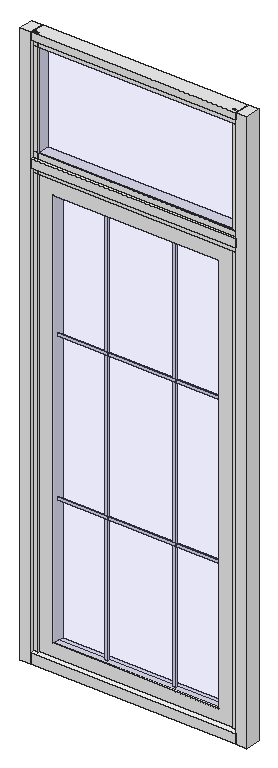
Revit family "Door_Curtain_Wall-Inswing_With_Transom-Traco-NX-8920-One_Panel", category Curtain Panels, Revit 2015
Parameters (values of type "NX-8920 - One_Panel-Transom")
  Water Resistance = 12.0000 psf
  Uniform Load Structural = 75.0000 psf
  Uniform Load Deflection = 50.0000 psf
  Transom Panel Height [instance] = Transom Height - 0' 1 1/4"  # 1' - 10 3/4"
  Transom Height [instance] = 2' - 0"
  Sill Type = Door_Frame-Inswing-Traco-(NX-8920)-Single_Panel-Transom : Standard Sill
  Product data url = "https://bimobject.com/kawneerna/product/89202"
  Product Page URL = "http://www.alcoa.com/traco/en/product.asp?cat_id=1912&prod_id=4260"
  Product Documentation Link = "http://www.alcoa.com/traco/en/cad_spec.asp?cat_id=1912&prod_id=4260&area=prod"
  Panel Width [instance] = Door Width - 0' 4 1/2"  # 3' - 7 1/2"
  Panel Material [instance] = Aluminum - Traco - Anodized - Gray
  Panel Height [instance] = Door Height - 0' 2 1/2"  # 7' - 9 1/2"
  Muntin Type = Muntin-Grid-Traco-Lites : Interior
  Glass Material [instance] = Glass - Traco - Clear
  Frame Material [instance] = Aluminum - Traco - Anodized - Gray
  Door Width [instance] = if(CTRL Opening Width < Door Width Minimum, Door Width Minimum, if(CTRL Opening Width > Door Width Maximum, Door Width Maximum, CTRL Opening Width))  # 4' - 0"
  Door Height [instance] = Overall Height - Transom Height  # 8' - 0"
  Door Base = 0' - 0 7/8"  # constant formula
  Copyright © = "2011 Traco"  # constant formula
  CTRL Opening Width [instance] = 7' - 11.85303"
  URL = "http://www.alcoa.com/traco/en/home.asp"
  U Factor = "0.40"
  Type Comments = "1 Panel With Transom"
  Test Size = "48\" X 96\""
  Overall Height [instance] = if(CTRL Opening Height < Door Height Minimum, Door Height Minimum, if(CTRL Opening Height > Door Height Maximum, Door Height Maximum, CTRL Opening Height))  # 10' - 0"
  Muntin [instance] = yes
  Model = "NX-8920"
  Manufacturer = "Traco"  # constant formula
  CTRL Opening Height [instance] = 10' - 0"
  Forced Entry Resistance = ""
  Door Width Minimum [instance] = 3' - 0"
  Door Width Maximum [instance] = 4' - 0"
  Door Swing Angle [instance] = 90.00°
  Door Height Minimum [instance] = 6' - 0"
  Door Height Maximum [instance] = 10' - 0"
  Designation = "AAMA/WDMA/CSA 101/I.S.2/A-440-05: HS-C50 And AAMA/WDMA/CSA 101/I.S.2/A-440-08:AW-PG50-ATD"
  Description = "Single Door"
  Condensation Resistance = "48"
  Assembly Code = "B2020220"
  Allowable Air Infiltration Maximum = "0.1 @ 6.2 PSF"
Reference planes (in)
  plane 1 "Front": y = 0
  plane 2 "Bottom": z = 0
  plane 3 "Center (Left/Right)": x = 0
  plane 4 "Left": x = -47.92651
  plane 5 "Right": x = 47.92651
  plane 6 "Top": z = 120
  plane 7 "Door Base": z = 0.875
  plane 8 "Muntin Center F_B": y = 2
  plane 9 "Stop Back": y = 0.75
  plane 10 "Left Jamb": x = -45.67651
  plane 11 "Right Jamb": x = 45.67651
  plane 12 "Stop Right": x = 44.55151
  plane 13 "Stop Left": x = -44.55151
  plane 14 "Back": y = 3.25
  plane 15 "Panel Center F_B": y = 2
Text (in)
  text "Exterior" at (-54.29358, -19.61257, 0), in view "Ref. Level"
  text "Exterior" at (480, 41.53993, 89.60405), in view "Right"
  text "Exterior" at (-240, 57.82419, 105.78864), in view "Left"
Dimensions and locks (in)
  equal spacing: plane 4 "Left", plane 3 "Center (Left/Right)", plane 5 "Right"
  "Door Base": plane 2 "Bottom" to plane 7 "Door Base"
  "CTRL Opening Height": plane 6 "Top" to plane 2 "Bottom"
  "Overall Height": nested 2 to plane 2 "Bottom"
  "CTRL Opening Width": plane 4 "Left" to plane 5 "Right"
  locked: plane 1 "Front" to plane 9 "Stop Back" at 0.75
  locked: plane 4 "Left" to plane 10 "Left Jamb" at 2.25
  locked: plane 11 "Right Jamb" to plane 5 "Right" at 2.25
  locked: plane 10 "Left Jamb" to plane 13 "Stop Left" at 1.125
  locked: plane 12 "Stop Right" to plane 11 "Right Jamb" at 1.125
  locked: plane 1 "Front" to plane 14 "Back" at 3.25
  equal spacing: plane 14 "Back", plane 15 "Panel Center F_B", plane 9 "Stop Back"
  locked: plane 15 "Panel Center F_B" to plane 8 "Muntin Center F_B" at 0
  aligned and locked: level to plane 2 "Bottom"
  aligned: nested 1 to nested 2
  aligned: plane 7 "Door Base" to nested 4
  aligned: plane 7 "Door Base" to nested 5
  aligned: plane 7 "Door Base" to nested 7
  aligned and locked: plane 3 "Center (Left/Right)" to nested 2
  aligned and locked: plane 1 "Front" to nested 2
  aligned: plane 9 "Stop Back" to nested 1
  aligned and locked: plane 3 "Center (Left/Right)" to nested 3
  aligned and locked: nested 2 to nested 3
  aligned: nested 1 to plane 10 "Left Jamb"  (x2)
  aligned: nested 1 to plane 7 "Door Base"
  aligned and locked: plane 7 "Door Base" to nested 4  (x2)
  aligned: nested 4 to plane 10 "Left Jamb"
  aligned and locked: nested 1 to plane 7 "Door Base"
  aligned: plane 3 "Center (Left/Right)" to nested 1
  aligned and locked: plane 3 "Center (Left/Right)" to nested 4
  aligned: plane 14 "Back" to nested 1
  aligned: plane 11 "Right Jamb" to nested 1
  aligned and locked: plane 9 "Stop Back" to nested 1
  aligned and locked: plane 14 "Back" to nested 1
  aligned and locked: plane 3 "Center (Left/Right)" to nested 1
Nested families (in)
  nested 1: "Door-Glass_Panel-Traco-(TR-8920)" at (14.25, 3.25, 0.875) x (-1, 0, 0) z (0, 0, 1), Width <- "Panel Width", Height <- "Panel Height", Panel Material <- "Panel Material", Glass Material <- "Glass Material", Angle <- "Door Swing Angle", type "SS", detail levels fine
    with built-in parameter 1001301 3' - 7 1/2", built-in parameter 1001302 0' - 2 1/2", Panel Offset 0' - 4 1/4", Panel Material Aluminum - Traco - Anodized - Gray, Panel Finish none, built-in parameter 1001300 7' - 9 1/2", Glazing "Low E-Argon", Glass Material Glass - Traco - Clear, Elevation Swing yes, Angle 90.00°
  nested 2: "Door_Frame-Inswing-Traco-(NX-8920)-Single_Panel-Transom" at (0, 1.625, 0), type <- "Sill Type", type "Standard Sill"
    with Standard Sill yes, Optional Sill no, Door Width 4' - 0", Door Height 8' - 0"
  nested 3: "Door-Glass_Panel-Traco-(TR-8920)-Transom" at (0, 3.25, 96), Width <- "Panel Width", Height <- "Transom Panel Height", Panel Material <- "Panel Material", Glass Material <- "Glass Material", type "T", detail levels fine
    with built-in parameter 1001301 3' - 7 1/2", built-in parameter 1001302 0' - 2 1/2", Panel Offset 0' - 4 1/4", Panel Material Aluminum - Traco - Anodized - Gray, Panel Finish none, built-in parameter 1001300 1' - 10 3/4", Glazing "Low E-Argon", Glass Material Glass - Traco - Clear
  nested 4: "Muntin-Grid-Traco-Lites" at (0, 2, 47.625) x (-1, 0, 0) z (0, -1, 0), Sash Height <- "Panel Height", Length <- "Panel Width", type <- "Muntin Type", visible <- "Muntin", type "Interior"
    with Sash Height 7' - 9 1/2", Material Aluminum - Traco - Anodized - Gray, Length 3' - 7 1/2", Glazing Thickness 0' - 0 7/8", CTRL Muntin Vertical Distance 2' - 7.16667", CTRL Muntin Horizontal Distance 1' - 2 1/2", CTRL Face Offset 0' - 0 1/4", CTRL Bar Vertical Visibility no, CTRL Bar Horizontal Visibility no, CTRL Array Vertical Visibility yes, CTRL Array Horizontal Visibility yes, Has Interior Muntins yes, Has Exterior Muntins no
  nested 5: "Muntin-Trapezoid-Traco-Single" at (-7.25, 2.1875, 47.625) x (0, 0, -1) z (0, -1, 0), type "Standard Colonial"
    with Material Aluminum - Traco - Anodized - Gray, Length 7' - 9 1/2", Width Top 0' - 0 9/16", Width Base 0' - 0 9/16", Height 0' - 0 5/16"
  nested 6: "Muntin-Trapezoid-Traco-Single" at (0, 2.1875, 63.20833) x (1, 0, 0) z (0, -1, 0), type "Standard Colonial"
    with Material Aluminum - Traco - Anodized - Gray, Length 3' - 7 1/2", Width Top 0' - 0 9/16", Width Base 0' - 0 9/16", Height 0' - 0 5/16"
  nested 7: "Muntin-Trapezoid-Traco-Single" at (7.25, 2.1875, 47.625) x (0, 0, -1) z (0, -1, 0), type "Standard Colonial"
    with Material Aluminum - Traco - Anodized - Gray, Length 7' - 9 1/2", Width Top 0' - 0 9/16", Width Base 0' - 0 9/16", Height 0' - 0 5/16"
  nested 8: "Muntin-Trapezoid-Traco-Single" at (0, 2.1875, 32.04167) x (1, 0, 0) z (0, -1, 0), type "Standard Colonial"
    with Material Aluminum - Traco - Anodized - Gray, Length 3' - 7 1/2", Width Top 0' - 0 9/16", Width Base 0' - 0 9/16", Height 0' - 0 5/16"
Definition of nested family "Door-Glass_Panel-Traco-(TR-8920)"
  Parameters
    Width [instance] = 3' - 0"
    Visible Light Transmission = 0
    URL = "www.integratedcontentsolutions.com"
    U Value = 0
    Type Comments = "Panel theory and model developed by Integrated Content Solutions"  # constant formula
    Thickness [instance] = 0' - 2 3/4"
    Style Right = 0' - 4 1/8"
    Style Left = 0' - 4 1/8"
    Solar Heat Gain Coefficient = 0
    Rail Head = 0' - 4 1/8"
    Rail Bottom = 0' - 4 1/8"
    R Value = 0
    Product Documentation Link = "www.integratedcontentsolutions.com"
    Panel Offset [instance] = 0' - 4 1/4"
    Panel Material [instance] = none
    Panel Finish [instance] = none
    Manufacturer = "Integrated Content Solutions"  # constant formula
    LEED Credit = ""
    Hidden Swing Angle = 90.00°
    Height [instance] = 8' - 0"
    Glazing [instance] = "Low E-Argon"
    Glass Material [instance] = none
    Function = 1
    Energy Star Zone = ""
    Elevation Swing [instance] = yes
    Copyright © = "Integrated Content Solutions © 2009"  # constant formula
    Assembly Code = "C1020110"
    Appear In Schedule = 0 = 1  # no
    Angle [instance] = 90.00°
    Air Leakage = 0
  Reference planes (in)
    plane 1 "Exterior": y = 0
    plane 2 "Bottom": z = 0
    plane 3 "Strike": x = 0
    plane 4 "Interior": y = -2.75
    plane 5 "Hinge": x = 36
    plane 6 "Top": z = 96
    plane 7 "Panel Center of Thickness": y = -1.375
    plane 8 "Glass Interior": y = -2.125
    plane 9 "Glass Exterior": y = -1.125
    plane 10 "Left Inset": x = 4.125
    plane 11 "Right Inset": x = 31.875
    plane 12 "Top Inset": z = 91.875
    plane 13 "Bottom Inset": z = 4.125
    plane 14 "Center L_R": x = 18
  Forms (in)
    Extrusion 1, solid, material <- "Panel Material"
      sketch origin (0, 0, 0) x (1, 0, 0) y (0, 0, 1)
        loop
          line (0, 96) -> (0, 0) -> (36, 0) -> (36, 96) -> (0, 96)
        loop
          line (4.125, 91.875) -> (4.125, 4.125) -> (31.875, 4.125) -> (31.875, 91.875) -> (4.125, 91.875)
      from 0 to 2.75
    Extrusion 2, solid, material <- "Glass Material"
      sketch origin (0, -2.75, 0) x (1, 0, 0) y (0, 0, 1)
        loop
          line (4.125, 91.875) -> (4.125, 4.125) -> (31.875, 4.125) -> (31.875, 91.875) -> (4.125, 91.875)
      from -1.625 to -0.625
  Lines and regions (in)
    Masking region 1
      outline origin (0, 0, 96) x (-1, 0, 0) y (0, -1, 0)
        loop
          line (0, 2.75) -> (-36, 2.75) -> (-36, 0) -> (0, 0) -> (0, 2.75)
    Masking region 2
      outline origin (0, -1.375, 0) x (-1, 0, 0) y (0, 0, 1)
        loop
          line (0, 0) -> (0, 96) -> (-36, 96) -> (-36, 0) -> (0, 0)
        loop
          line (-4.125, 4.125) -> (-4.125, 91.875) -> (-31.875, 91.875) -> (-31.875, 4.125) -> (-4.125, 4.125)
    Masking region 3
      outline origin (18, 0, 0) x (0, 1, 0) y (0, 0, 1)
        loop
          line (-2.75, 0) -> (0, 0) -> (0, 96) -> (-2.75, 96) -> (-2.75, 0)
  Dimensions and locks (in)
    "Width": plane 3 "Strike" to plane 5 "Hinge"
    "Thickness": plane 4 "Interior" to plane 1 "Exterior"
    "Height": plane 6 "Top" to plane 2 "Bottom"
    equal spacing: plane 4 "Interior", plane 7 "Panel Center of Thickness", plane 1 "Exterior"
    locked: plane 9 "Glass Exterior" to plane 8 "Glass Interior" at 1
    "Style Left": plane 10 "Left Inset" to plane 3 "Strike"
    "Style Right": plane 5 "Hinge" to plane 11 "Right Inset"
    "Rail Bottom": plane 13 "Bottom Inset" to plane 2 "Bottom"
    "Rail Head": plane 6 "Top" to plane 12 "Top Inset"
    locked: plane 9 "Glass Exterior" to plane 1 "Exterior" at 1.125
    equal spacing: plane 3 "Strike", plane 14 "Center L_R", plane 5 "Hinge"
    aligned and locked: plane 3 "Strike" to Extrusion 1 sketch curve
    aligned and locked: Extrusion 1 sketch curve to plane 6 "Top"
    aligned and locked: level to Extrusion 1 sketch curve
    aligned and locked: Extrusion 1 sketch curve to plane 5 "Hinge"
    aligned and locked: Extrusion 1 to plane 1 "Exterior"
    aligned and locked: plane 4 "Interior" to Extrusion 1
    aligned and locked: plane 1 "Exterior" to nested 1
    aligned and locked: plane 5 "Hinge" to nested 1
    aligned and locked: level to plane 2 "Bottom"
    aligned and locked: plane 10 "Left Inset" to Extrusion 1 sketch curve
    aligned and locked: Extrusion 1 sketch curve to plane 12 "Top Inset"
    aligned and locked: plane 13 "Bottom Inset" to Extrusion 1 sketch curve
    aligned and locked: Extrusion 1 sketch curve to plane 11 "Right Inset"
    aligned and locked: plane 10 "Left Inset" to Extrusion 2 sketch curve
    aligned and locked: Extrusion 2 sketch curve to plane 12 "Top Inset"
    aligned and locked: plane 13 "Bottom Inset" to Extrusion 2 sketch curve
    aligned and locked: Extrusion 2 sketch curve to plane 11 "Right Inset"
    aligned and locked: plane 9 "Glass Exterior" to Extrusion 2
    aligned and locked: Extrusion 2 to plane 8 "Glass Interior"
    aligned and locked: Masking region 1 sketch curve to plane 1 "Exterior"
    aligned and locked: plane 5 "Hinge" to Masking region 1 sketch curve
    aligned and locked: plane 4 "Interior" to Masking region 1 sketch curve
    aligned and locked: Masking region 1 sketch curve to plane 3 "Strike"
    aligned and locked: plane 6 "Top" to Masking region 2 sketch curve
    aligned and locked: Masking region 2 sketch curve to plane 3 "Strike"
    aligned and locked: plane 5 "Hinge" to Masking region 2 sketch curve
    aligned and locked: Masking region 2 sketch curve to plane 2 "Bottom"
    aligned and locked: plane 12 "Top Inset" to Masking region 2 sketch curve
    aligned and locked: Masking region 2 sketch curve to plane 10 "Left Inset"
    aligned and locked: plane 11 "Right Inset" to Masking region 2 sketch curve
    aligned and locked: Masking region 2 sketch curve to plane 13 "Bottom Inset"
    aligned and locked: plane 6 "Top" to Masking region 3 sketch curve
    aligned and locked: Masking region 3 sketch curve to plane 4 "Interior"
    aligned and locked: Masking region 3 sketch curve to plane 1 "Exterior"
    aligned and locked: Masking region 3 sketch curve to plane 2 "Bottom"
  Nested families (in)
    nested 1: "Plan Swing" at (0, 0, 0), Width <- "Width", Thickness <- "Thickness", Height <- "Height", Angle <- "Angle", Elevation Swing Visibility <- "Elevation Swing", Hidden Swing Angle <- "Hidden Swing Angle", type "Plan Swing"
      with Width 3' - 0", Thickness 0' - 2 3/4", Slide Indicator Visbility no, Plan Swing Visibility yes, Hidden Swing Visibility no, Hidden Swing Angle 90.00°, Hidden Angle CTRL 90.00°, Height 8' - 0", Elevation Swing Visibility yes, Closed Panel Visaibilty no, Angle CTRL 90.00°, Angle 90.00°
  Definition of nested family "Plan Swing"
    Parameters
      Width [instance] = 3' - 0"
      URL = "www.integratedcontentsolutions.com"
      Type Comments = "Swing graphics developed by Integrated Content Solutions"  # constant formula
      Thickness [instance] = 0' - 2"
      Slide Indicator Visbility [instance] = no
      Plan Swing Visibility [instance] = Angle > 0.00°  # yes
      Manufacturer = "Integrated Content Solutions"  # constant formula
      Hidden Swing Visibility [instance] = yes
      Hidden Swing Angle [instance] = 90.00°
      Hidden Angle CTRL [instance] = if(Hidden Swing Angle < 5.00°, 5.00°, if(Hidden Swing Angle > 175.00°, 175.00°, Hidden Swing Angle))  # 90.00°
      Height [instance] = 7' - 0"
      Elevation Swing Visibility [instance] = yes
      Copyright © = "Integrated Content Solutions © 2009"  # constant formula
      Closed Panel Visaibilty [instance] = Angle = 0.00°  # no
      Assembly Code = ""
      Angle CTRL [instance] = if(Angle < 5.00°, 5.00°, if(Angle > 175.00°, 175.00°, Angle))  # 45.00°
      Angle [instance] = 45.00°
    Reference planes (in)
      plane 1 "Exterior": y = 0
      plane 2 "Bottom": z = 0
      plane 3 "Strike": x = 0
      plane 4 "Hinge": x = 36
      plane 5 "Top": z = 84
      plane 6 "Interior": y = -2
    Lines and regions (in)
      model lines
        curve 1: line (0, 0, 0) -> (0, -2, 0)
        curve 2: line (36, -2, 0) -> (36, 0, 0)
      symbolic lines, visible <- "Plan Swing Visibility"
        curve 3: line (36, 0, 0) -> (10.54416, 25.45584, 0)
        curve 4: line (10.54416, 25.45584, 0) -> (9.12994, 24.04163, 0)
        curve 5: line (9.12994, 24.04163, 0) -> (34.58579, -1.41421, 0)
        curve 6: line (34.58579, -1.41421, 0) -> (36, 0, 0)
        curve 13: arc (10.54416, 25.45584, 0) -> (2.74034, 13.7766, 0) -> (0, 0, 0) r 36
      symbolic lines, visible <- "Elevation Swing Visibility"
        curve 7: line (0, -2, 84) -> (36, -2, 42)
        curve 8: line (36, -2, 42) -> (0, -2, 0)
      symbolic lines, visible <- "Hidden Swing Visibility"
        curve 9: line (36, 0, 0) -> (36, 36, 0)
        curve 10: line (36, 36, 0) -> (34, 36, 0)
        curve 11: line (34, 36, 0) -> (34, 0, 0)
        curve 12: line (34, 0, 0) -> (36, 0, 0)
        curve 18: arc (0, 0, 0) -> (10.54416, 25.45584, 0) -> (36, 36, 0) r 36
      symbolic lines, visible <- "Closed Panel Visaibilty"
        curve 14: line (0, 0, 0) -> (36, 0, 0)
        curve 15: line (0, -2, 0) -> (0, 0, 0)
        curve 16: line (36, -2, 0) -> (0, -2, 0)
        curve 17: line (36, 0, 0) -> (36, -2, 0)
      symbolic lines, visible <- "Slide Indicator Visbility"
        curve 19: line (18, -2, 42.16893) -> (15.87868, -2, 44.29025)
        curve 20: line (18, -2, 42.16893) -> (15.87868, -2, 40.04761)
        curve 21: line (18, -2, 42.16893) -> (9, -2, 42.16893)
    Dimensions and locks (in)
      "Width": plane 3 "Strike" to plane 4 "Hinge"
      "Height": plane 5 "Top" to plane 2 "Bottom"
      equal spacing: plane 5 "Top", curve 8, plane 2 "Bottom"
      "Thickness": plane 6 "Interior" to plane 1 "Exterior"
      "Thickness": curve 3 to curve 5
      "Width": curve 6 to curve 4
      "Width": curve 9 to curve 9
      "Thickness": curve 9 to curve 11
      locked: curve 21 to curve 21 at 9
      equal spacing: plane 4 "Hinge", curve 21, plane 3 "Strike"
      locked: curve 3 to curve 6 (angle 90.00°)
      locked: curve 5 to curve 6 (angle 90.00°)
      locked: curve 4 to curve 3 (angle 90.00°)
      locked: curve 9 to curve 12 (angle 90.00°)
      locked: curve 11 to curve 12 (angle 90.00°)
      locked: curve 10 to curve 9 (angle 90.00°)
      "Hidden Angle CTRL": angle curve 9 to plane 1 "Exterior"
      "Angle CTRL": angle curve 3 to plane 1 "Exterior"
      aligned and locked: plane 2 "Bottom" to level
      aligned and locked: plane 1 "Exterior" to curve 2
      aligned and locked: plane 4 "Hinge" to curve 2
      aligned and locked: plane 6 "Interior" to curve 1
      aligned and locked: plane 6 "Interior" to curve 2
      aligned and locked: plane 4 "Hinge" to curve 9
      aligned and locked: curve 1 to plane 3 "Strike"
      aligned and locked: plane 3 "Strike" to curve 15
      aligned and locked: plane 1 "Exterior" to curve 14
    Automatic sketch dimensions
      curve 8 to level = 0' - 0"
      curve 8 to plane 3 "Strike" = 0' - 0"
      curve 7 to plane 3 "Strike" = 0' - 0"
      curve 7 to plane 4 "Hinge" = 0' - 0"
      curve 7 to plane 5 "Top" = 0' - 0"
      curve 19 to curve 20 = 0' - 0"
      curve 20 to curve 20 = 0' - 2.12132"
      curve 20 to curve 7 = 0' - 1.95239"
      curve 20 to curve 19 = 0' - 2.12132"
Definition of nested family "Door_Frame-Inswing-Traco-(NX-8920)-Single_Panel-Transom"
  Parameters
    Transom Height = 2' - 0"
    Standard Sill = no
    Optional Sill = yes
    Jamb Thickness = 0' - 2 1/4"
    Head Thickness = 0' - 1 3/4"
    Frame Material = none
    Frame Depth = 0' - 3 1/4"
    Door Width = 3' - 0"
    Door Height = 7' - 0"
    Assembly Code = ""
  Reference planes (in)
    plane 1 "Center (Front/Back)": y = 0
    plane 2 "Bottom": z = 0
    plane 3 "Center (Left/Right)": x = 0
    plane 4 "Interior": y = 1.625
    plane 5 "Exterior": y = -1.625
    plane 6 "Left": x = -18
    plane 7 "Right": x = 18
    plane 8 "Top of Frame": z = 84
    plane 9 "Inside Frame Left Side": x = -15.75
    plane 10 "Inside Frame Right Side": x = 15.75
    plane 11 "Top Inset 2": z = 82.25
    plane 12 "Bottom Inset": z = 1.5
    plane 13 "Top": z = 108
    plane 14 "Top Inset": z = 106.5
    plane 15 "Jamb Left": x = -14.625
    plane 16 "Jamb Right": x = 14.625
    plane 17 "Stop Front": y = -1
    plane 18 "Stop Back": y = -0.875
    plane 19 "Panel Bottom": z = 2.5
    plane 20 "Panel Top": z = 81.125
    plane 21 "Transom Panel Bottom": z = 85.125
    plane 22 "Transom Panel Top": z = 105.375
    plane 23 "Bottom Reverse Inset Back Top": z = 1
  Forms (in)
    Extrusion 1, solid, material <- "Frame Material", visible <- "Standard Sill"
      sketch origin (0, 0, 0) x (0, 1, 0) y (0, 0, 1)
        loop
          line (-1.625, 0) -> (1.625, 0) -> (1.625, 1.5) -> (-0.875, 1.5) -> (-0.875, 2.5) -> (-1.625, 2) -> (-1.625, 0)
      from -15.75 to 15.75
    Extrusion 2, solid, material <- "Frame Material"
      sketch origin (0, 0, 0) x (0, 1, 0) y (0, 0, 1)
        loop
          line (1.625, 84) -> (-0.875, 84) -> (-0.875, 85.125) -> (-1, 85.125) -> (-1, 84) -> (-1.625, 84) -> (-1.625, 82.25) -> (-1, 82.25) -> (-1, 81.125) -> (-0.875, 81.125) -> (-0.875, 82.25) -> (1.625, 82.25) -> (1.625, 84)
      from -15.75 to 15.75
    Extrusion 3, solid, material <- "Frame Material"
      sketch origin (0, 0, 0) x (1, 0, 0) y (0, 1, 0)
        loop
          line (-18, 1.625) -> (-18, -1.625) -> (-15.75, -1.625) -> (-15.75, -1) -> (-14.625, -1) -> (-14.625, -0.875) -> (-15.75, -0.875) -> (-15.75, 1.625) -> (-18, 1.625)
        loop
          line (15.75, 1.625) -> (15.75, -0.875) -> (14.625, -0.875) -> (14.625, -1) -> (15.75, -1) -> (15.75, -1.625) -> (18, -1.625) -> (18, 1.625) -> (15.75, 1.625)
      from 0 to 108
    Extrusion 4, solid, material <- "Frame Material", visible <- "Optional Sill"
      sketch origin (0, 0, 0) x (0, 1, 0) y (0, 0, 1)
        loop
          line (1.625, 0.875) -> (-0.875, 0.875) -> (-0.875, 1.25) -> (-1.625, 1) -> (-1.625, 0) -> (1.625, 0) -> (1.625, 0.875)
      from -15.75 to 15.75
    Extrusion 5, solid, material <- "Frame Material"
      sketch origin (0, 0, 0) x (0, 1, 0) y (0, 0, 1)
        loop
          line (1.625, 108) -> (-1.625, 108) -> (-1.625, 106.5) -> (-1, 106.5) -> (-1, 105.375) -> (-0.875, 105.375) -> (-0.875, 106.5) -> (1.625, 106.5) -> (1.625, 108)
      from -15.75 to 15.75
  Lines and regions (in)
    Masking region 1
      outline origin (0, 0, 84) x (-1, 0, 0) y (0, -1, 0)
        loop
          line (18, 1.625) -> (-18, 1.625) -> (-18, -1.625) -> (18, -1.625) -> (18, 1.625)
    Masking region 2
      outline origin (0, 0, 0) x (0, 1, 0) y (0, 0, 1)
        loop
          line (-1.625, 108) -> (-1.625, 0) -> (1.625, 0) -> (1.625, 108) -> (-1.625, 108)
    Masking region 3
      outline origin (0, 0, 0) x (1, 0, 0) y (0, 0, 1)
        loop
          line (-18, 0) -> (18, 0) -> (18, 108) -> (-18, 108) -> (-18, 0)
        loop
          line (-14.625, 85.125) -> (14.625, 85.125) -> (14.625, 105.375) -> (-14.625, 105.375) -> (-14.625, 85.125)
        loop
          line (-14.625, 81.125) -> (-14.625, 2.5) -> (14.625, 2.5) -> (14.625, 81.125) -> (-14.625, 81.125)
    symbolic lines, detail levels medium+fine
      curve 1: line (-15.75, 0, 108) -> (-15.75, 0, 0)
      curve 2: line (-15.75, 0, 106.5) -> (15.75, 0, 106.5)
      curve 3: line (15.75, 0, 108) -> (15.75, 0, 0)
      curve 4: line (-14.625, 0, 105.375) -> (-14.625, 0, 106.5)
      curve 5: line (-14.625, 0, 105.375) -> (-15.75, 0, 105.375)
      curve 6: line (14.625, 0, 105.375) -> (15.75, 0, 105.375)
      curve 7: line (14.625, 0, 105.375) -> (14.625, 0, 106.5)
      curve 8: line (-15.75, 0, 84) -> (15.75, 0, 84)
      curve 9: line (-15.75, 0, 82.25) -> (15.75, 0, 82.25)
      curve 10: line (-14.625, 0, 84) -> (-14.625, 0, 85.125)
      curve 11: line (-15.75, 0, 85.125) -> (-14.625, 0, 85.125)
      curve 12: line (14.625, 0, 84) -> (14.625, 0, 85.125)
      curve 13: line (14.625, 0, 85.125) -> (15.75, 0, 85.125)
      curve 14: line (14.625, 0, 82.25) -> (14.625, 0, 81.125)
      curve 15: line (14.625, 0, 81.125) -> (15.75, 0, 81.125)
      curve 16: line (-15.75, 0, 81.125) -> (-14.625, 0, 81.125)
      curve 17: line (-14.625, 0, 81.125) -> (-14.625, 0, 82.25)
      curve 18: line (-15.75, 0, 1) -> (15.75, 0, 1)
      curve 19: line (-15.75, -1.625, 108) -> (-15.75, -1, 108)
      curve 20: line (-15.75, -1, 108) -> (-14.625, -1, 108)
      curve 21: line (-14.625, -1, 108) -> (-14.625, -0.875, 108)
      curve 22: line (-14.625, -0.875, 108) -> (-15.75, -0.875, 108)
      curve 23: line (-15.75, -0.875, 108) -> (-15.75, 1.625, 108)
      curve 24: line (15.75, -1.625, 108) -> (15.75, -1, 108)
      curve 25: line (15.75, -1, 108) -> (14.625, -1, 108)
      curve 26: line (14.625, -1, 108) -> (14.625, -0.875, 108)
      curve 27: line (14.625, -0.875, 108) -> (15.75, -0.875, 108)
      curve 28: line (15.75, -0.875, 108) -> (15.75, 1.625, 108)
  Dimensions and locks (in)
    equal spacing: plane 4 "Interior", plane 1 "Center (Front/Back)", plane 5 "Exterior"
    "Frame Depth": plane 4 "Interior" to plane 5 "Exterior"
    equal spacing: plane 6 "Left", plane 3 "Center (Left/Right)", plane 7 "Right"
    "Door Width": plane 6 "Left" to plane 7 "Right"
    "Head Thickness": plane 8 "Top of Frame" to plane 11 "Top Inset 2"
    "Jamb Thickness": plane 7 "Right" to plane 10 "Inside Frame Right Side"
    "Jamb Thickness": plane 6 "Left" to plane 9 "Inside Frame Left Side"
    "Door Height": plane 8 "Top of Frame" to plane 2 "Bottom"
    plane 12 "Bottom Inset" to plane 2 "Bottom" = 0' - 1 1/2"
    locked: Extrusion 2 sketch curve to Extrusion 2 sketch curve at 1.125
    "Transom Height": plane 13 "Top" to plane 8 "Top of Frame"
    locked: plane 13 "Top" to plane 14 "Top Inset" at 1.5
    locked: plane 5 "Exterior" to plane 17 "Stop Front" at 0.625
    locked: plane 5 "Exterior" to plane 18 "Stop Back" at 0.75
    locked: plane 19 "Panel Bottom" to plane 12 "Bottom Inset" at 1
    locked: plane 11 "Top Inset 2" to plane 20 "Panel Top" at 1.125
    locked: plane 21 "Transom Panel Bottom" to plane 8 "Top of Frame" at 1.125
    locked: plane 14 "Top Inset" to plane 22 "Transom Panel Top" at 1.125
    locked: plane 23 "Bottom Reverse Inset Back Top" to plane 2 "Bottom" at 1
    locked: plane 9 "Inside Frame Left Side" to plane 15 "Jamb Left" at 1.125
    locked: plane 16 "Jamb Right" to plane 10 "Inside Frame Right Side" at 1.125
    aligned and locked: plane 2 "Bottom" to level
    aligned and locked: plane 12 "Bottom Inset" to Extrusion 1 sketch curve
    aligned and locked: plane 4 "Interior" to Extrusion 1 sketch curve
    aligned and locked: plane 9 "Inside Frame Left Side" to Extrusion 1
    aligned and locked: Extrusion 1 to plane 10 "Inside Frame Right Side"
    aligned and locked: Extrusion 2 sketch curve to plane 11 "Top Inset 2"
    aligned and locked: plane 5 "Exterior" to Extrusion 2 sketch curve
    aligned and locked: plane 9 "Inside Frame Left Side" to Extrusion 2
    aligned and locked: Extrusion 2 to plane 10 "Inside Frame Right Side"
    aligned and locked: Extrusion 3 sketch curve to plane 4 "Interior"
    aligned and locked: Extrusion 3 sketch curve to plane 6 "Left"
    aligned and locked: Extrusion 3 sketch curve to Extrusion 1  (x3)
    aligned and locked: Extrusion 1 to Extrusion 3 sketch curve
    aligned and locked: Extrusion 3 sketch curve to plane 5 "Exterior"
    aligned and locked: Extrusion 3 sketch curve to plane 7 "Right"
    aligned: plane 8 "Top of Frame" to Extrusion 3
    aligned and locked: Extrusion 4 to plane 10 "Inside Frame Right Side"
    aligned and locked: plane 9 "Inside Frame Left Side" to Extrusion 4
    aligned and locked: plane 13 "Top" to Extrusion 3
    aligned and locked: Extrusion 5 sketch curve to Extrusion 3  (x2)
    aligned and locked: Extrusion 3 to Extrusion 5 sketch curve
    aligned and locked: Extrusion 5 sketch curve to plane 14 "Top Inset"
    aligned and locked: plane 10 "Inside Frame Right Side" to Extrusion 5
    aligned and locked: Extrusion 5 to plane 9 "Inside Frame Left Side"
    aligned and locked: plane 6 "Left" to Masking region 1 sketch curve
    aligned and locked: plane 4 "Interior" to Masking region 1 sketch curve
    aligned and locked: plane 5 "Exterior" to Masking region 1 sketch curve
    aligned and locked: plane 7 "Right" to Masking region 1 sketch curve
    aligned and locked: plane 2 "Bottom" to Masking region 2 sketch curve
    aligned and locked: Masking region 2 sketch curve to plane 4 "Interior"
    aligned and locked: Masking region 2 sketch curve to plane 5 "Exterior"
    aligned and locked: Masking region 2 sketch curve to plane 13 "Top"
    aligned and locked: Masking region 3 sketch curve to plane 6 "Left"
    aligned and locked: plane 13 "Top" to Masking region 3 sketch curve
    aligned and locked: plane 7 "Right" to Masking region 3 sketch curve
    aligned and locked: Masking region 3 sketch curve to plane 2 "Bottom"
    aligned and locked: plane 19 "Panel Bottom" to Masking region 3 sketch curve
    aligned and locked: Masking region 3 sketch curve to plane 15 "Jamb Left"  (x2)
    aligned and locked: plane 16 "Jamb Right" to Masking region 3 sketch curve
    aligned and locked: Masking region 3 sketch curve to plane 20 "Panel Top"
    aligned and locked: Masking region 3 sketch curve to plane 21 "Transom Panel Bottom"
    aligned and locked: Masking region 3 sketch curve to plane 16 "Jamb Right"
    aligned and locked: plane 22 "Transom Panel Top" to Masking region 3 sketch curve
    aligned and locked: curve 2 to plane 14 "Top Inset"
    aligned and locked: curve 3 to plane 10 "Inside Frame Right Side"
    aligned and locked: curve 6 to plane 22 "Transom Panel Top"
    aligned and locked: plane 15 "Jamb Left" to curve 4
    aligned and locked: plane 22 "Transom Panel Top" to curve 5
    aligned and locked: plane 16 "Jamb Right" to curve 7
    aligned and locked: curve 12 to plane 16 "Jamb Right"
    aligned and locked: plane 16 "Jamb Right" to curve 14
    aligned and locked: curve 15 to plane 20 "Panel Top"
    aligned and locked: curve 13 to plane 21 "Transom Panel Bottom"
    aligned and locked: curve 8 to plane 8 "Top of Frame"
    aligned and locked: curve 9 to plane 11 "Top Inset 2"
    aligned and locked: curve 16 to plane 20 "Panel Top"
    aligned and locked: curve 11 to plane 21 "Transom Panel Bottom"
    aligned and locked: curve 10 to plane 15 "Jamb Left"
    aligned and locked: curve 17 to plane 15 "Jamb Left"
    aligned and locked: curve 1 to plane 9 "Inside Frame Left Side"
    aligned and locked: curve 18 to plane 23 "Bottom Reverse Inset Back Top"
    aligned and locked: curve 28 to plane 10 "Inside Frame Right Side"
    aligned and locked: plane 18 "Stop Back" to curve 27
    aligned and locked: curve 26 to plane 16 "Jamb Right"
    aligned and locked: curve 25 to plane 17 "Stop Front"
    aligned and locked: curve 24 to plane 10 "Inside Frame Right Side"
    aligned and locked: curve 19 to plane 9 "Inside Frame Left Side"
    aligned and locked: plane 17 "Stop Front" to curve 20
    aligned and locked: curve 21 to plane 15 "Jamb Left"
    aligned and locked: curve 22 to plane 18 "Stop Back"
    aligned and locked: curve 23 to plane 9 "Inside Frame Left Side"
  Automatic sketch dimensions
    Extrusion 3 sketch curve to plane 6 "Left" = 0' - 3 3/8"
    Extrusion 3 sketch curve to plane 7 "Right" = 0' - 3 3/8"
    Extrusion 3 sketch curve to plane 5 "Exterior" = 0' - 0 5/8"  (x2)
    Extrusion 3 sketch curve to plane 10 "Inside Frame Right Side" = 0' - 0"
    Extrusion 3 sketch curve to Extrusion 3 sketch curve = 0' - 0 1/8"  (x2)
    Extrusion 3 sketch curve to plane 9 "Inside Frame Left Side" = 0' - 0"
    Extrusion 1 sketch curve to level = 0' - 0"
    Extrusion 1 sketch curve to plane 5 "Exterior" = 0' - 0 3/4"
    Extrusion 1 sketch curve to plane 5 "Exterior" = 0' - 0"
    Extrusion 1 sketch curve to Extrusion 1 sketch curve = 0' - 0 1/2"
    plane 12 "Bottom Inset" to Extrusion 1 sketch curve = 0' - 0 1/2"
    Extrusion 4 sketch curve to plane 5 "Exterior" = 0' - 0 3/4"
    Extrusion 4 sketch curve to plane 12 "Bottom Inset" = 0' - 0 1/4"
    Extrusion 4 sketch curve to plane 12 "Bottom Inset" = 0' - 0 5/8"
    Extrusion 4 sketch curve to plane 12 "Bottom Inset" = 0' - 0 1/2"
    Extrusion 2 sketch curve to plane 8 "Top of Frame" = 0' - 0"  (x2)
    Extrusion 2 sketch curve to plane 11 "Top Inset 2" = 0' - 0"
    Extrusion 2 sketch curve to plane 4 "Interior" = 0' - 0"
    Extrusion 2 sketch curve to plane 5 "Exterior" = 0' - 0 5/8"  (x2)
    Extrusion 2 sketch curve to Extrusion 2 sketch curve = 0' - 0 1/8"  (x2)
    plane 8 "Top of Frame" to Extrusion 2 sketch curve = 0' - 1 1/8"
    Extrusion 4 sketch curve to level = 0' - 0"
    Extrusion 4 sketch curve to plane 5 "Exterior" = 0' - 0"
    Extrusion 4 sketch curve to plane 4 "Interior" = 0' - 0"
    Extrusion 5 sketch curve to Extrusion 5 sketch curve = 0' - 0 1/8"
    Extrusion 5 sketch curve to plane 5 "Exterior" = 0' - 0 5/8"
    Extrusion 5 sketch curve to plane 14 "Top Inset" = 0' - 1 1/8"
    Extrusion 5 sketch curve to plane 14 "Top Inset" = 0' - 0"
    curve 1 to level = 0' - 0"
    curve 3 to level = 0' - 0"
    curve 1 to plane 13 "Top" = 0' - 0"
    curve 3 to plane 13 "Top" = 0' - 0"
    curve 28 to plane 4 "Interior" = 0' - 0"
    curve 23 to plane 4 "Interior" = 0' - 0"
    plane 5 "Exterior" to curve 24 = 0' - 0"
    plane 5 "Exterior" to curve 19 = 0' - 0"
Definition of nested family "Door-Glass_Panel-Traco-(TR-8920)-Transom"
  Parameters
    Width [instance] = 6' - 0"
    Visible Light Transmission = 0
    URL = "www.integratedcontentsolutions.com"
    U Value = 0
    Type Comments = "Panel theory and model developed by Integrated Content Solutions"  # constant formula
    Thickness [instance] = 0' - 2 1/2"
    Solar Heat Gain Coefficient = 0
    R Value = 0
    Product Documentation Link = "www.integratedcontentsolutions.com"
    Panel Offset [instance] = 0' - 4 1/4"
    Panel Material [instance] = none
    Panel Finish [instance] = none
    Manufacturer = "Integrated Content Solutions"  # constant formula
    LEED Credit = ""
    Height [instance] = 2' - 0"
    Glazing [instance] = "Low E-Argon"
    Glass Material [instance] = none
    Function = 1
    Energy Star Zone = ""
    Copyright © = "Integrated Content Solutions © 2009"  # constant formula
    Assembly Code = "C1020110"
    Appear In Schedule = 0 = 1  # no
    Air Leakage = 0
  Reference planes (in)
    plane 1 "Exterior": y = 0
    plane 2 "Bottom": z = 0
    plane 3 "Left Side": x = -36
    plane 4 "Interior": y = -2.5
    plane 5 "Right Side": x = 36
    plane 6 "Top": z = 24
    plane 7 "Panel Center of Thickness": y = -1.875
    plane 8 "Glass Interior": y = -2.375
    plane 9 "Glass Exterior": y = -1.375
    plane 10 "Center L_R": x = 0
    plane 11 "Top Inset": z = 22.875
    plane 12 "Bottom Inset": z = 1.125
    plane 13 "Left Inset": x = -34.875
    plane 14 "Right Inset": x = 34.875
    plane 15 "Center F_B": y = -1.25
  Forms (in)
    Extrusion 1, solid, material <- "Panel Material"
      sketch origin (0, 0, 0) x (1, 0, 0) y (0, 0, 1)
        loop
          line (-36, 24) -> (-36, 0) -> (36, 0) -> (36, 24) -> (-36, 24)
        loop
          line (-34.875, 22.875) -> (-34.875, 1.125) -> (34.875, 1.125) -> (34.875, 22.875) -> (-34.875, 22.875)
      from 0 to 2.5
    Extrusion 2, solid, material <- "Glass Material"
      sketch origin (0, -2.5, 0) x (1, 0, 0) y (0, 0, 1)
        loop
          line (-35.625, 23.625) -> (-35.625, 0.375) -> (35.625, 0.375) -> (35.625, 23.625) -> (-35.625, 23.625)
      from -1.125 to -0.125
  Lines and regions (in)
    Masking region 1
      outline origin (0, 0, 24) x (-1, 0, 0) y (0, -1, 0)
        loop
          line (36, 2.5) -> (-36, 2.5) -> (-36, 0) -> (36, 0) -> (36, 2.5)
    Masking region 2
      outline origin (0, 0, 0) x (0, 0, 1) y (0, -1, 0)
        loop
          line (0, 2.5) -> (0, 0) -> (24, 0) -> (24, 2.5) -> (0, 2.5)
    Masking region 3
      outline origin (0, -1.875, 0) x (-1, 0, 0) y (0, 0, 1)
        loop
          line (36, 0) -> (36, 24) -> (-36, 24) -> (-36, 0) -> (36, 0)
        loop
          line (34.875, 1.125) -> (34.875, 22.875) -> (-34.875, 22.875) -> (-34.875, 1.125) -> (34.875, 1.125)
  Dimensions and locks (in)
    "Width": plane 3 "Left Side" to plane 5 "Right Side"
    "Thickness": plane 4 "Interior" to plane 1 "Exterior"
    "Height": plane 6 "Top" to plane 2 "Bottom"
    "Width": plane 3 "Left Side" to Extrusion 1
    equal spacing: plane 5 "Right Side", plane 10 "Center L_R", plane 3 "Left Side"
    locked: Extrusion 1 sketch curve to Extrusion 1 sketch curve at 1.125  (x4)
    equal spacing: plane 9 "Glass Exterior", plane 7 "Panel Center of Thickness", plane 8 "Glass Interior"
    locked: plane 9 "Glass Exterior" to plane 8 "Glass Interior" at 1
    locked: plane 13 "Left Inset" to plane 3 "Left Side" at 1.125
    locked: plane 5 "Right Side" to plane 14 "Right Inset" at 1.125
    locked: plane 12 "Bottom Inset" to plane 2 "Bottom" at 1.125
    locked: plane 6 "Top" to plane 11 "Top Inset" at 1.125
    equal spacing: plane 4 "Interior", plane 15 "Center F_B", plane 1 "Exterior"
    aligned and locked: plane 3 "Left Side" to Extrusion 1 sketch curve
    aligned: Extrusion 1 to plane 1 "Exterior"
    aligned: plane 4 "Interior" to Extrusion 1
    aligned and locked: level to plane 2 "Bottom"
    aligned and locked: plane 9 "Glass Exterior" to Extrusion 2
    aligned and locked: Extrusion 2 to plane 8 "Glass Interior"
    aligned: plane 6 "Top" to Extrusion 2
    aligned and locked: plane 4 "Interior" to Extrusion 1
    aligned and locked: Extrusion 1 to plane 1 "Exterior"
    aligned and locked: Masking region 1 sketch curve to plane 3 "Left Side"
    aligned and locked: Masking region 1 sketch curve to plane 1 "Exterior"
    aligned and locked: plane 4 "Interior" to Masking region 1 sketch curve
    aligned and locked: plane 5 "Right Side" to Masking region 1 sketch curve
    aligned and locked: plane 6 "Top" to Masking region 2 sketch curve
    aligned and locked: Masking region 2 sketch curve to plane 1 "Exterior"
    aligned and locked: plane 4 "Interior" to Masking region 2 sketch curve
    aligned and locked: Masking region 2 sketch curve to plane 2 "Bottom"
    aligned and locked: plane 6 "Top" to Masking region 3 sketch curve
    aligned and locked: plane 5 "Right Side" to Masking region 3 sketch curve
    aligned and locked: Masking region 3 sketch curve to plane 2 "Bottom"
    aligned and locked: Masking region 3 sketch curve to plane 12 "Bottom Inset"
    aligned and locked: Masking region 3 sketch curve to plane 3 "Left Side"
    aligned and locked: Masking region 3 sketch curve to plane 13 "Left Inset"
    aligned and locked: plane 11 "Top Inset" to Masking region 3 sketch curve
    aligned and locked: plane 14 "Right Inset" to Masking region 3 sketch curve
  Automatic sketch dimensions
    Extrusion 1 sketch curve to plane 5 "Right Side" = 0' - 0"
    Extrusion 1 sketch curve to level = 0' - 0"
    Extrusion 1 sketch curve to plane 6 "Top" = 0' - 0"
    Extrusion 1 sketch curve to plane 3 "Left Side" = 0' - 0"
    plane 3 "Left Side" to Extrusion 2 sketch curve = 0' - 0 3/8"
    Extrusion 2 sketch curve to plane 5 "Right Side" = 0' - 0 3/8"
    level to Extrusion 2 sketch curve = 0' - 0 3/8"
    Extrusion 2 sketch curve to plane 6 "Top" = 0' - 0 3/8"
Definition of nested family "Muntin-Trapezoid-Traco-Single"
  Parameters
    Width Top = 0' - 0 7/16"
    Width Base = 0' - 1"
    URL = "http://www.alcoa.com/traco/en/home.asp"
    Product Page URL = "http://www.alcoa.com/traco/en/product.asp?prod_id=4228"
    Product Documentation Link = "http://www.alcoa.com/traco/en/cad_spec.asp?prod_id=4228&area=prod"
    Material [instance] = none
    Manufacturer = "Traco"  # constant formula
    Length [instance] = 1' - 0"
    Height = 0' - 0 5/8"
    Description = "Trapezoidal Profile"
    Copyright © = "2011 Traco"  # constant formula
  Reference planes (in)
    plane 1 "Center (Front/Back)": y = 0
    plane 2 "Original Bottom": z = 0
    plane 3 "Center (Left/Right)": x = 0
    plane 4 "Left": x = -6
    plane 5 "Right": x = 6
    plane 6 "Back": y = 0.5
    plane 7 "Front": y = -0.5
    plane 8 "Back Inset": y = 0.21875
    plane 9 "Front Inset": y = -0.21875
    plane 10 "Top": z = 0.625
    plane 11 "Bottom": z = 0
  Forms (in)
    Sweep 1, solid, material <- "Material", detail levels medium+fine
      path origin (0, 0, 0) x (0, -1, 0) y (1, 0, 0)
        loop
          line (0, 6) -> (0, -6)
      profile origin (0, 0, 0) x (0, -1, 0) y (0, 0, 1)
        loop
          line (0.5, 0) -> (0.21875, 0.625) -> (-0.21875, 0.625) -> (-0.5, 0) -> (0.5, 0)
  Lines and regions (in)
    Masking region 1, detail levels medium+fine
      outline origin (0, 0, 0) x (0, 1, 0) y (0, 0, 1)
        loop
          line (0.5, 0) -> (0.21875, 0.625) -> (-0.21875, 0.625) -> (-0.5, 0) -> (0.5, 0)
    Masking region 2, detail levels medium+fine
      outline origin (0, 0, 0) x (1, 0, 0) y (0, 1, 0)
        loop
          line (6, -0.5) -> (6, 0.5) -> (-6, 0.5) -> (-6, -0.5) -> (6, -0.5)
    Masking region 3, detail levels medium+fine
      outline origin (0, 0, 0) x (1, 0, 0) y (0, 0, 1)
        loop
          line (6, 0) -> (6, 0.625) -> (-6, 0.625) -> (-6, 0) -> (6, 0)
    symbolic lines, detail levels coarse
      curve 1: line (0, 0, 0) -> (0, 0, 0.625)
      curve 2: line (-6, 0, 0) -> (6, 0, 0)
      curve 3: line (-6, 0, 0) -> (-6, 0, 0.625)
      curve 4: line (-6, 0, 0.625) -> (6, 0, 0.625)
      curve 5: line (6, 0, 0.625) -> (6, 0, 0)
    model lines, detail levels coarse
      curve 6: line (-6, 0, 0) -> (6, 0, 0)
  Dimensions and locks (in)
    equal spacing: plane 4 "Left", plane 3 "Center (Left/Right)", plane 5 "Right"
    "Length": plane 4 "Left" to plane 5 "Right"
    equal spacing: plane 6 "Back", plane 1 "Center (Front/Back)", plane 7 "Front"
    "Width Base": plane 7 "Front" to plane 6 "Back"
    equal spacing: plane 8 "Back Inset", plane 1 "Center (Front/Back)", plane 9 "Front Inset"
    "Width Top": plane 9 "Front Inset" to plane 8 "Back Inset"
    locked: plane 11 "Bottom" to plane 2 "Original Bottom" at 0
    "Height": plane 10 "Top" to plane 11 "Bottom"
    aligned and locked: plane 2 "Original Bottom" to level
    aligned and locked: plane 4 "Left" to Sweep 1 sketch curve
    aligned and locked: Sweep 1 sketch curve to plane 1 "Center (Front/Back)"
    aligned and locked: plane 5 "Right" to Sweep 1 sketch curve
    aligned and locked: plane 7 "Front" to Sweep 1 sketch curve
    aligned and locked: plane 11 "Bottom" to Sweep 1 sketch curve  (x2)
    aligned and locked: plane 6 "Back" to Sweep 1 sketch curve
    aligned and locked: plane 10 "Top" to Sweep 1 sketch curve
    aligned and locked: plane 8 "Back Inset" to Sweep 1 sketch curve
    aligned and locked: plane 9 "Front Inset" to Sweep 1 sketch curve
    aligned and locked: Sweep 1 sketch curve to plane 10 "Top"
    aligned and locked: Masking region 1 sketch curve to plane 11 "Bottom"
    aligned and locked: plane 10 "Top" to Masking region 1 sketch curve
    aligned and locked: plane 8 "Back Inset" to Masking region 1 sketch curve
    aligned and locked: plane 9 "Front Inset" to Masking region 1 sketch curve
    aligned and locked: plane 7 "Front" to Masking region 1 sketch curve
    aligned and locked: plane 6 "Back" to Masking region 1 sketch curve
    aligned and locked: curve 1 to plane 1 "Center (Front/Back)"
    aligned and locked: plane 11 "Bottom" to curve 1
    aligned and locked: plane 10 "Top" to curve 1
    aligned and locked: plane 4 "Left" to curve 2
    aligned and locked: plane 5 "Right" to curve 2
    aligned and locked: plane 1 "Center (Front/Back)" to curve 2
    aligned and locked: Masking region 2 sketch curve to plane 4 "Left"
    aligned and locked: Masking region 2 sketch curve to plane 5 "Right"
    aligned and locked: Masking region 2 sketch curve to plane 6 "Back"
    aligned and locked: Masking region 2 sketch curve to plane 7 "Front"
    aligned and locked: Masking region 3 sketch curve to plane 4 "Left"
    aligned and locked: Masking region 3 sketch curve to plane 5 "Right"
    aligned and locked: plane 11 "Bottom" to Masking region 3 sketch curve
    aligned and locked: Masking region 3 sketch curve to plane 10 "Top"
    aligned and locked: plane 11 "Bottom" to curve 3
    aligned and locked: plane 11 "Bottom" to curve 5
    aligned and locked: curve 5 to plane 5 "Right"
    aligned and locked: curve 3 to plane 4 "Left"
    aligned and locked: curve 4 to plane 10 "Top"
    aligned and locked: plane 5 "Right" to curve 6
    aligned and locked: plane 4 "Left" to curve 6
    aligned and locked: plane 1 "Center (Front/Back)" to curve 6
Definition of nested family "Muntin-Grid-Traco-Lites"
  Parameters
    URL = "http://www.alcoa.com/traco/en/home.asp"
    Sash Height [instance] = 4' - 0"
    Muntin Vertical Count = if((Lite Vertical Count - 1) < 2, 2, (Lite Vertical Count - 1))  # 2
    Muntin Type = Muntin-Trapezoid-Traco-Single : H-081
    Muntin Horizontal Count = if((Lite Horizontal Count - 1) < 2, 2, (Lite Horizontal Count - 1))  # 2
    Material [instance] = none
    Manufacturer = "Traco"  # constant formula
    Lite Vertical Count = 3
    Lite Horizontal Count = 3
    Length [instance] = 4' - 0"
    Has True Muntins = no
    Has Interior Muntins = no
    Has Exterior Muntins = yes
    Glazing Thickness [instance] = 0' - 0 7/8"
    Default Elevation = 4' - 0"
    Copyright © = "2011 Traco"  # constant formula
    CTRL Muntin Vertical Distance [instance] = Sash Height / (Lite Vertical Count)  # 1' - 4"
    CTRL Muntin Horizontal Distance [instance] = Length / (Lite Horizontal Count)  # 1' - 4"
    CTRL Face Offset [instance] = if(Has Interior Muntins, 0' 0 1/4", if(Has Exterior Muntins, Glazing Thickness, Glazing Thickness / 2))  # 0' - 0 7/8"
    CTRL Bar Vertical Visibility [instance] = Lite Vertical Count = 2  # no
    CTRL Bar Horizontal Visibility [instance] = Lite Horizontal Count = 2  # no
    CTRL Array Vertical Visibility [instance] = Lite Vertical Count > 2  # yes
    CTRL Array Horizontal Visibility [instance] = Lite Horizontal Count > 2  # yes
    Assembly Code = "B2020110"
  Reference planes (in)
    plane 1 "Center (Front/Back)": y = 0
    plane 2 "Original  Bottom": z = 0
    plane 3 "Center (Left/Right)": x = 0
    plane 4 "Left": x = -24
    plane 5 "Right": x = 24
    plane 6 "Bottom": z = 0.4375
    plane 7 "Glass Top": z = 0.4375
    plane 8 "Glass Bottom": z = -0.4375
    plane 9 "Back": y = 24
    plane 10 "Front": y = -24
    plane 11 "Bar 1 Vertical": y = -8
    plane 12 "Bar Last Vertical": y = 8
    plane 13 "Bar Last Horizontal": x = 8
    plane 14 "Bar 1 Horizontal": x = -8
  Forms (in)
    Extrusion 1, solid
      sketch origin (0, 0, 0) x (1, 0, 0) y (0, 1, 0)
        loop
          line (-48, 48) -> (-48, -48) -> (48, -48) -> (48, 48) -> (-48, 48)
      from 0 to -12
  Dimensions and locks (in)
    equal spacing: plane 4 "Left", plane 3 "Center (Left/Right)", plane 5 "Right"
    "Length": plane 4 "Left" to plane 5 "Right"
    "Glazing Thickness": plane 7 "Glass Top" to plane 8 "Glass Bottom"
    equal spacing: plane 9 "Back", plane 1 "Center (Front/Back)", plane 10 "Front"
    "Sash Height": plane 10 "Front" to plane 9 "Back"
    "CTRL Muntin Vertical Distance": plane 10 "Front" to plane 11 "Bar 1 Vertical"
    "CTRL Muntin Vertical Distance": plane 12 "Bar Last Vertical" to plane 9 "Back"
    "CTRL Muntin Horizontal Distance": plane 4 "Left" to plane 14 "Bar 1 Horizontal"
    "CTRL Muntin Horizontal Distance": plane 13 "Bar Last Horizontal" to plane 5 "Right"
    equal spacing: plane 7 "Glass Top", plane 2 "Original  Bottom", plane 8 "Glass Bottom"
    group 1 to group 2 = 0' - 0"  (x2)
    group 1 to group 2 = 1' - 4"
    group 3 to group 4 = 1' - 4"
    group 3 to group 4 = 0' - 0"  (x2)
    "CTRL Face Offset": plane 6 "Bottom" to plane 8 "Glass Bottom"
    aligned and locked: plane 2 "Original  Bottom" to Extrusion 1
    aligned and locked: level to Extrusion 1
    aligned and locked: plane 6 "Bottom" to nested 1
    aligned and locked: plane 6 "Bottom" to nested 3
    aligned and locked: plane 6 "Bottom" to nested 2
    aligned and locked: plane 6 "Bottom" to nested 4
    aligned and locked: nested 3 to plane 11 "Bar 1 Vertical"
    aligned and locked: nested 4 to plane 14 "Bar 1 Horizontal"
    aligned and locked: nested 3 to plane 3 "Center (Left/Right)"
    aligned and locked: plane 1 "Center (Front/Back)" to nested 4
    aligned and locked: plane 3 "Center (Left/Right)" to nested 2
    aligned and locked: nested 2 to plane 1 "Center (Front/Back)"
    aligned and locked: plane 1 "Center (Front/Back)" to nested 1
    aligned and locked: plane 3 "Center (Left/Right)" to nested 1
    aligned and locked: nested 5 to plane 3 "Center (Left/Right)"
    aligned and locked: plane 1 "Center (Front/Back)" to nested 6
    aligned and locked: plane 6 "Bottom" to nested 6
    aligned and locked: nested 5 to plane 12 "Bar Last Vertical"
    aligned and locked: nested 6 to plane 13 "Bar Last Horizontal"
    aligned and locked: plane 6 "Bottom" to nested 5
  Automatic sketch dimensions
    Extrusion 1 sketch curve to Extrusion 1 sketch curve = 8' - 0"  (x2)
  Nested families (in)
    nested 1: "Muntin-Trapezoid-Traco-Single" at (0, 0, 0.4375), Length <- "Length", visible <- "CTRL Bar Vertical Visibility", type <- "Muntin Type", Material <- "Material", type "H-081"
      with Material none, Length 4' - 0"
    nested 2: "Muntin-Trapezoid-Traco-Single" at (0, 0, 0.4375) x (0, 1, 0) z (0, 0, 1), Length <- "Sash Height", visible <- "CTRL Bar Horizontal Visibility", type <- "Muntin Type", Material <- "Material", type "H-081"
      with Material none, Length 4' - 0"
    nested 3: "Muntin-Trapezoid-Traco-Single" at (0, -8, 0.4375) x (-1, 0, 0) z (0, 0, 1), Length <- "Length", visible <- "CTRL Array Horizontal Visibility", type <- "Muntin Type", Material <- "Material", type "H-081"
      with Material none, Length 4' - 0"
    nested 4: "Muntin-Trapezoid-Traco-Single" at (-8, 0, 0.4375) x (0, -1, 0) z (0, 0, 1), Length <- "Sash Height", visible <- "CTRL Array Horizontal Visibility", type <- "Muntin Type", Material <- "Material", type "H-081"
      with Material none, Length 4' - 0"
    nested 5: "Muntin-Trapezoid-Traco-Single" at (0, 8, 0.4375) x (-1, 0, 0) z (0, 0, 1), Length <- "Length", visible <- "CTRL Array Horizontal Visibility", type <- "Muntin Type", Material <- "Material", type "H-081"
      with Material none, Length 4' - 0"
    nested 6: "Muntin-Trapezoid-Traco-Single" at (8, 0, 0.4375) x (0, -1, 0) z (0, 0, 1), Length <- "Sash Height", visible <- "CTRL Array Horizontal Visibility", type <- "Muntin Type", Material <- "Material", type "H-081"
      with Material none, Length 4' - 0"
  Definition of nested family "Muntin-Trapezoid-Traco-Single"
    Parameters
      Width Top = 0' - 0 7/16"
      Width Base = 0' - 1"
      URL = "http://www.alcoa.com/traco/en/home.asp"
      Product Page URL = "http://www.alcoa.com/traco/en/product.asp?prod_id=4228"
      Product Documentation Link = "http://www.alcoa.com/traco/en/cad_spec.asp?prod_id=4228&area=prod"
      Material [instance] = none
      Manufacturer = "Traco"  # constant formula
      Length [instance] = 1' - 0"
      Height = 0' - 0 5/8"
      Description = "Trapezoidal Profile"
      Copyright © = "2011 Traco"  # constant formula
    Reference planes (in)
      plane 1 "Center (Front/Back)": y = 0
      plane 2 "Original Bottom": z = 0
      plane 3 "Center (Left/Right)": x = 0
      plane 4 "Left": x = -6
      plane 5 "Right": x = 6
      plane 6 "Back": y = 0.5
      plane 7 "Front": y = -0.5
      plane 8 "Back Inset": y = 0.21875
      plane 9 "Front Inset": y = -0.21875
      plane 10 "Top": z = 0.625
      plane 11 "Bottom": z = 0
    Forms (in)
      Sweep 1, solid, material <- "Material", detail levels medium+fine
        path origin (0, 0, 0) x (0, -1, 0) y (1, 0, 0)
          loop
            line (0, 6) -> (0, -6)
        profile origin (0, 0, 0) x (0, -1, 0) y (0, 0, 1)
          loop
            line (0.5, 0) -> (0.21875, 0.625) -> (-0.21875, 0.625) -> (-0.5, 0) -> (0.5, 0)
    Lines and regions (in)
      Masking region 1, detail levels medium+fine
        outline origin (0, 0, 0) x (0, 1, 0) y (0, 0, 1)
          loop
            line (0.5, 0) -> (0.21875, 0.625) -> (-0.21875, 0.625) -> (-0.5, 0) -> (0.5, 0)
      Masking region 2, detail levels medium+fine
        outline origin (0, 0, 0) x (1, 0, 0) y (0, 1, 0)
          loop
            line (6, -0.5) -> (6, 0.5) -> (-6, 0.5) -> (-6, -0.5) -> (6, -0.5)
      Masking region 3, detail levels medium+fine
        outline origin (0, 0, 0) x (1, 0, 0) y (0, 0, 1)
          loop
            line (6, 0) -> (6, 0.625) -> (-6, 0.625) -> (-6, 0) -> (6, 0)
      symbolic lines, detail levels coarse
        curve 1: line (0, 0, 0) -> (0, 0, 0.625)
        curve 2: line (-6, 0, 0) -> (6, 0, 0)
        curve 3: line (-6, 0, 0) -> (-6, 0, 0.625)
        curve 4: line (-6, 0, 0.625) -> (6, 0, 0.625)
        curve 5: line (6, 0, 0.625) -> (6, 0, 0)
      model lines, detail levels coarse
        curve 6: line (-6, 0, 0) -> (6, 0, 0)
    Dimensions and locks (in)
      equal spacing: plane 4 "Left", plane 3 "Center (Left/Right)", plane 5 "Right"
      "Length": plane 4 "Left" to plane 5 "Right"
      equal spacing: plane 6 "Back", plane 1 "Center (Front/Back)", plane 7 "Front"
      "Width Base": plane 7 "Front" to plane 6 "Back"
      equal spacing: plane 8 "Back Inset", plane 1 "Center (Front/Back)", plane 9 "Front Inset"
      "Width Top": plane 9 "Front Inset" to plane 8 "Back Inset"
      locked: plane 11 "Bottom" to plane 2 "Original Bottom" at 0
      "Height": plane 10 "Top" to plane 11 "Bottom"
      aligned and locked: plane 2 "Original Bottom" to level
      aligned and locked: plane 4 "Left" to Sweep 1 sketch curve
      aligned and locked: Sweep 1 sketch curve to plane 1 "Center (Front/Back)"
      aligned and locked: plane 5 "Right" to Sweep 1 sketch curve
      aligned and locked: plane 7 "Front" to Sweep 1 sketch curve
      aligned and locked: plane 11 "Bottom" to Sweep 1 sketch curve  (x2)
      aligned and locked: plane 6 "Back" to Sweep 1 sketch curve
      aligned and locked: plane 10 "Top" to Sweep 1 sketch curve
      aligned and locked: plane 8 "Back Inset" to Sweep 1 sketch curve
      aligned and locked: plane 9 "Front Inset" to Sweep 1 sketch curve
      aligned and locked: Sweep 1 sketch curve to plane 10 "Top"
      aligned and locked: Masking region 1 sketch curve to plane 11 "Bottom"
      aligned and locked: plane 10 "Top" to Masking region 1 sketch curve
      aligned and locked: plane 8 "Back Inset" to Masking region 1 sketch curve
      aligned and locked: plane 9 "Front Inset" to Masking region 1 sketch curve
      aligned and locked: plane 7 "Front" to Masking region 1 sketch curve
      aligned and locked: plane 6 "Back" to Masking region 1 sketch curve
      aligned and locked: curve 1 to plane 1 "Center (Front/Back)"
      aligned and locked: plane 11 "Bottom" to curve 1
      aligned and locked: plane 10 "Top" to curve 1
      aligned and locked: plane 4 "Left" to curve 2
      aligned and locked: plane 5 "Right" to curve 2
      aligned and locked: plane 1 "Center (Front/Back)" to curve 2
      aligned and locked: Masking region 2 sketch curve to plane 4 "Left"
      aligned and locked: Masking region 2 sketch curve to plane 5 "Right"
      aligned and locked: Masking region 2 sketch curve to plane 6 "Back"
      aligned and locked: Masking region 2 sketch curve to plane 7 "Front"
      aligned and locked: Masking region 3 sketch curve to plane 4 "Left"
      aligned and locked: Masking region 3 sketch curve to plane 5 "Right"
      aligned and locked: plane 11 "Bottom" to Masking region 3 sketch curve
      aligned and locked: Masking region 3 sketch curve to plane 10 "Top"
      aligned and locked: plane 11 "Bottom" to curve 3
      aligned and locked: plane 11 "Bottom" to curve 5
      aligned and locked: curve 5 to plane 5 "Right"
      aligned and locked: curve 3 to plane 4 "Left"
      aligned and locked: curve 4 to plane 10 "Top"
      aligned and locked: plane 5 "Right" to curve 6
      aligned and locked: plane 4 "Left" to curve 6
      aligned and locked: plane 1 "Center (Front/Back)" to curve 6
